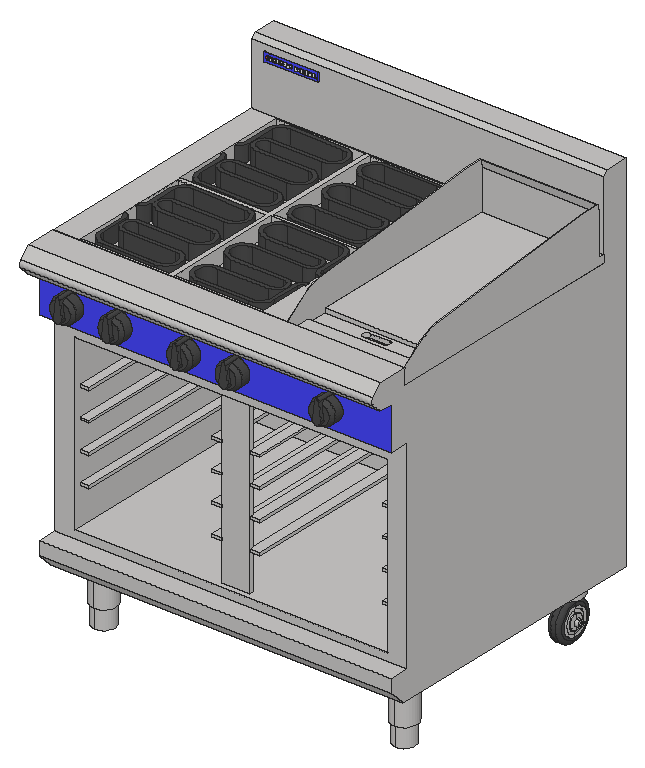
Revit family "QF_MOFFAT_BLUESEAL_CE_E516C-CB", category Specialty Equipment, Revit 2012 (continued)
Definition of nested family "ELECTRIC BURNER 600 & GRIDDLE 300"
  Lines and regions (mm)
    symbolic lines
      curve 2: line (0, -635, 0) -> (65.8, -635, 0)
      curve 3: line (65.8, -635, 0) -> (65.8, -320.251, 0)
      curve 4: line (65.8, -320.251, 0) -> (294.362, -320.251, 0)
      curve 5: line (294.362, -634.701, 0) -> (305.638, -634.701, 0)
      curve 6: line (305.638, -320.251, 0) -> (534.388, -320.251, 0)
      curve 7: line (534.388, -320.251, 0) -> (534.388, -635, 0)
      curve 8: line (534.388, -635, 0) -> (600, -635, 0)
      curve 9: line (353.788, -19.75, 0) -> (486.388, -19.75, 0)
      curve 10: arc (486.388, -19.75, 0) -> (505.541, -26.845, 0) -> (514.088, -45.396, 0) r 26.722
      curve 11: line (514.088, -45.396, 0) -> (514.088, -116.604, 0)
      curve 12: arc (514.088, -116.604, 0) -> (519.952, -132.472, 0) -> (534.388, -141.293, 0) r 25.79
      curve 13: line (534.388, -141.293, 0) -> (534.388, -130.9, 0)
      curve 14: arc (534.388, -130.9, 0) -> (527.028, -125.276, 0) -> (524.088, -116.493, 0) r 15.79
      curve 15: line (524.088, -116.493, 0) -> (524.088, -45.214, 0)
      curve 16: arc (524.088, -45.214, 0) -> (512.487, -19.649, 0) -> (486.216, -9.75, 0) r 36.722
      curve 17: line (486.216, -9.75, 0) -> (353.788, -9.75, 0)
      curve 18: arc (353.788, -9.75, 0) -> (316.088, -47.45, 0) -> (353.788, -85.15, 0) r 37.7
      curve 19: line (353.788, -85.15, 0) -> (486.388, -85.15, 0)
      curve 20: arc (486.388, -85.15, 0) -> (504.088, -102.85, 0) -> (486.388, -120.55, 0) r 17.7
      curve 21: line (486.388, -120.55, 0) -> (353.788, -120.55, 0)
      curve 22: arc (353.788, -120.55, 0) -> (316.088, -158.25, 0) -> (353.788, -195.95, 0) r 37.7
      curve 23: line (353.788, -195.95, 0) -> (486.388, -195.95, 0)
      curve 24: arc (486.388, -195.95, 0) -> (504.088, -213.65, 0) -> (486.388, -231.35, 0) r 17.7
      curve 25: line (486.388, -231.35, 0) -> (353.788, -231.35, 0)
      curve 26: arc (353.788, -231.35, 0) -> (316.088, -269.05, 0) -> (353.788, -306.75, 0) r 37.7
      curve 27: line (353.788, -306.75, 0) -> (486.216, -306.75, 0)
      curve 28: arc (486.216, -306.75, 0) -> (512.487, -296.851, 0) -> (524.088, -271.286, 0) r 36.722
      curve 29: line (524.088, -271.286, 0) -> (524.088, -200.019, 0)
      curve 30: arc (524.088, -200.019, 0) -> (527.036, -191.21, 0) -> (534.388, -185.532, 0) r 15.973
      curve 31: line (534.388, -185.532, 0) -> (534.388, -175.119, 0)
      curve 32: arc (534.388, -175.119, 0) -> (519.963, -184.005, 0) -> (514.088, -199.896, 0) r 25.973
      curve 33: line (514.088, -199.896, 0) -> (514.088, -271.104, 0)
      curve 34: arc (514.088, -271.104, 0) -> (505.541, -289.655, 0) -> (486.388, -296.75, 0) r 26.722
      curve 35: line (486.388, -296.75, 0) -> (353.788, -296.75, 0)
      curve 36: arc (353.788, -296.75, 0) -> (326.088, -269.05, 0) -> (353.788, -241.35, 0) r 27.7
      curve 37: line (353.788, -241.35, 0) -> (485.763, -241.35, 0)
      curve 38: arc (485.763, -241.35, 0) -> (513.463, -213.65, 0) -> (485.763, -185.95, 0) r 27.7
      curve 39: line (485.763, -185.95, 0) -> (353.788, -185.95, 0)
      curve 40: arc (353.788, -185.95, 0) -> (326.088, -158.25, 0) -> (353.788, -130.55, 0) r 27.7
      curve 41: line (353.788, -130.55, 0) -> (486.231, -130.55, 0)
      curve 42: arc (486.231, -130.55, 0) -> (513.931, -102.85, 0) -> (486.231, -75.15, 0) r 27.7
      curve 43: line (486.231, -75.15, 0) -> (353.788, -75.15, 0)
      curve 44: arc (353.788, -75.15, 0) -> (326.088, -47.45, 0) -> (353.788, -19.75, 0) r 27.7
      curve 45: line (113.612, -19.75, 0) -> (246.212, -19.75, 0)
      curve 46: arc (246.212, -19.75, 0) -> (273.912, -47.45, 0) -> (246.212, -75.15, 0) r 27.7
      curve 47: line (246.212, -75.15, 0) -> (113.769, -75.15, 0)
      curve 48: arc (113.769, -75.15, 0) -> (86.069, -102.85, 0) -> (113.769, -130.55, 0) r 27.7
      curve 49: line (113.769, -130.55, 0) -> (246.212, -130.55, 0)
      curve 50: arc (246.212, -130.55, 0) -> (273.912, -158.25, 0) -> (246.212, -185.95, 0) r 27.7
      curve 51: line (246.212, -185.95, 0) -> (114.237, -185.95, 0)
      curve 52: arc (114.237, -185.95, 0) -> (86.537, -213.65, 0) -> (114.237, -241.35, 0) r 27.7
      curve 53: line (114.237, -241.35, 0) -> (246.212, -241.35, 0)
      curve 54: arc (246.212, -241.35, 0) -> (273.912, -269.05, 0) -> (246.212, -296.75, 0) r 27.7
      curve 55: line (246.212, -296.75, 0) -> (113.612, -296.75, 0)
      curve 56: arc (113.612, -296.75, 0) -> (94.459, -289.655, 0) -> (85.912, -271.104, 0) r 26.722
      curve 57: line (85.912, -271.104, 0) -> (85.912, -199.896, 0)
      curve 58: arc (85.912, -199.896, 0) -> (80.037, -184.005, 0) -> (65.612, -175.119, 0) r 25.973
      curve 59: line (65.612, -175.119, 0) -> (65.612, -185.532, 0)
      curve 60: arc (65.612, -185.532, 0) -> (72.964, -191.21, 0) -> (75.912, -200.019, 0) r 15.973
      curve 61: line (75.912, -200.019, 0) -> (75.912, -271.286, 0)
      curve 62: arc (75.912, -271.286, 0) -> (87.513, -296.851, 0) -> (113.784, -306.75, 0) r 36.722
      curve 63: line (113.784, -306.75, 0) -> (246.212, -306.75, 0)
      curve 64: arc (246.212, -306.75, 0) -> (283.912, -269.05, 0) -> (246.212, -231.35, 0) r 37.7
      curve 65: line (246.212, -231.35, 0) -> (113.612, -231.35, 0)
      curve 66: arc (113.612, -231.35, 0) -> (95.912, -213.65, 0) -> (113.612, -195.95, 0) r 17.7
      curve 67: line (113.612, -195.95, 0) -> (246.212, -195.95, 0)
      curve 68: arc (246.212, -195.95, 0) -> (283.912, -158.25, 0) -> (246.212, -120.55, 0) r 37.7
      curve 69: line (246.212, -120.55, 0) -> (113.612, -120.55, 0)
      curve 70: arc (113.612, -120.55, 0) -> (95.912, -102.85, 0) -> (113.612, -85.15, 0) r 17.7
      curve 71: line (113.612, -85.15, 0) -> (246.212, -85.15, 0)
      curve 72: arc (246.212, -85.15, 0) -> (283.912, -47.45, 0) -> (246.212, -9.75, 0) r 37.7
      curve 73: line (246.212, -9.75, 0) -> (113.784, -9.75, 0)
      curve 74: arc (113.784, -9.75, 0) -> (87.513, -19.649, 0) -> (75.912, -45.214, 0) r 36.722
      curve 75: line (75.912, -45.214, 0) -> (75.912, -116.493, 0)
      curve 76: arc (75.912, -116.493, 0) -> (72.972, -125.276, 0) -> (65.612, -130.9, 0) r 15.79
      curve 77: line (65.612, -130.9, 0) -> (65.612, -141.293, 0)
      curve 78: arc (65.612, -141.293, 0) -> (80.048, -132.472, 0) -> (85.912, -116.604, 0) r 25.79
      curve 79: line (85.912, -116.604, 0) -> (85.912, -45.396, 0)
      curve 80: arc (85.912, -45.396, 0) -> (94.459, -26.845, 0) -> (113.612, -19.75, 0) r 26.722
      curve 81: line (246.212, -387.65, 0) -> (114.862, -387.65, 0)
      curve 82: arc (114.862, -387.65, 0) -> (87.162, -415.35, 0) -> (114.862, -443.05, 0) r 27.7
      curve 83: line (114.862, -443.05, 0) -> (246.212, -443.05, 0)
      curve 84: arc (246.212, -443.05, 0) -> (273.912, -470.75, 0) -> (246.212, -498.45, 0) r 27.7
      curve 85: line (246.212, -498.45, 0) -> (114.862, -498.45, 0)
      curve 86: arc (114.862, -498.45, 0) -> (87.162, -526.15, 0) -> (114.862, -553.85, 0) r 27.7
      curve 87: line (114.862, -553.85, 0) -> (246.212, -553.85, 0)
      curve 88: arc (246.212, -553.85, 0) -> (273.912, -581.55, 0) -> (246.212, -609.25, 0) r 27.7
      curve 89: line (246.212, -609.25, 0) -> (113.612, -609.25, 0)
      curve 90: arc (113.612, -609.25, 0) -> (94.459, -602.155, 0) -> (85.912, -583.604, 0) r 26.722
      curve 91: line (85.912, -583.604, 0) -> (85.912, -512.396, 0)
      curve 92: arc (85.912, -512.396, 0) -> (79.848, -496.287, 0) -> (65, -487.582, 0) r 25.79
      curve 93: line (65, -487.582, 0) -> (65, -497.888, 0)
      curve 94: arc (65, -497.888, 0) -> (72.781, -503.462, 0) -> (75.912, -512.507, 0) r 15.79
      curve 95: line (75.912, -512.507, 0) -> (75.912, -583.786, 0)
      curve 96: arc (75.912, -583.786, 0) -> (87.513, -609.351, 0) -> (113.784, -619.25, 0) r 36.722
      curve 97: line (113.784, -619.25, 0) -> (246.212, -619.25, 0)
      curve 98: arc (246.212, -619.25, 0) -> (283.912, -581.55, 0) -> (246.212, -543.85, 0) r 37.7
      curve 99: line (246.212, -543.85, 0) -> (113.612, -543.85, 0)
      curve 100: arc (113.612, -543.85, 0) -> (95.912, -526.15, 0) -> (113.612, -508.45, 0) r 17.7
      curve 101: line (113.612, -508.45, 0) -> (246.212, -508.45, 0)
      curve 102: arc (246.212, -508.45, 0) -> (283.912, -470.75, 0) -> (246.212, -433.05, 0) r 37.7
      curve 103: line (246.212, -433.05, 0) -> (113.612, -433.05, 0)
      curve 104: arc (113.612, -433.05, 0) -> (95.912, -415.35, 0) -> (113.612, -397.65, 0) r 17.7
      curve 105: line (113.612, -397.65, 0) -> (246.212, -397.65, 0)
      curve 106: arc (246.212, -397.65, 0) -> (283.912, -359.95, 0) -> (246.212, -322.25, 0) r 37.7
      curve 107: line (246.212, -322.25, 0) -> (113.784, -322.25, 0)
      curve 108: arc (113.784, -322.25, 0) -> (87.513, -332.149, 0) -> (75.912, -357.714, 0) r 36.722
      curve 109: line (75.912, -357.714, 0) -> (75.912, -428.981, 0)
      curve 110: arc (75.912, -428.981, 0) -> (72.964, -437.79, 0) -> (65.612, -443.468, 0) r 15.973
      curve 111: line (65.612, -443.468, 0) -> (65.612, -453.881, 0)
      curve 112: arc (65.612, -453.881, 0) -> (80.037, -444.995, 0) -> (85.912, -429.104, 0) r 25.973
      curve 113: line (85.912, -429.104, 0) -> (85.912, -357.896, 0)
      curve 114: arc (85.912, -357.896, 0) -> (94.459, -339.345, 0) -> (113.612, -332.25, 0) r 26.722
      curve 115: line (113.612, -332.25, 0) -> (246.212, -332.25, 0)
      curve 116: arc (246.212, -332.25, 0) -> (273.912, -359.95, 0) -> (246.212, -387.65, 0) r 27.7
      curve 117: line (353.788, -397.65, 0) -> (486.388, -397.65, 0)
      curve 118: arc (486.388, -397.65, 0) -> (504.088, -415.35, 0) -> (486.388, -433.05, 0) r 17.7
      curve 119: line (486.388, -433.05, 0) -> (353.788, -433.05, 0)
      curve 120: arc (353.788, -433.05, 0) -> (316.088, -470.75, 0) -> (353.788, -508.45, 0) r 37.7
      curve 121: line (353.788, -508.45, 0) -> (486.388, -508.45, 0)
      curve 122: arc (486.388, -508.45, 0) -> (504.088, -526.15, 0) -> (486.388, -543.85, 0) r 17.7
      curve 123: line (486.388, -543.85, 0) -> (353.788, -543.85, 0)
      curve 124: arc (353.788, -543.85, 0) -> (316.088, -581.55, 0) -> (353.788, -619.25, 0) r 37.7
      curve 125: line (353.788, -619.25, 0) -> (486.216, -619.25, 0)
      curve 126: arc (486.216, -619.25, 0) -> (512.487, -609.351, 0) -> (524.088, -583.786, 0) r 36.722
      curve 127: line (524.088, -583.786, 0) -> (524.088, -512.507, 0)
      curve 128: arc (524.088, -512.507, 0) -> (527.219, -503.462, 0) -> (535, -497.888, 0) r 15.79
      curve 129: line (535, -497.888, 0) -> (535, -487.582, 0)
      curve 130: arc (535, -487.582, 0) -> (520.152, -496.287, 0) -> (514.088, -512.396, 0) r 25.79
      curve 131: line (514.088, -512.396, 0) -> (514.088, -583.604, 0)
      curve 132: arc (514.088, -583.604, 0) -> (505.541, -602.155, 0) -> (486.388, -609.25, 0) r 26.722
      curve 133: line (486.388, -609.25, 0) -> (353.788, -609.25, 0)
      curve 134: arc (353.788, -609.25, 0) -> (326.088, -581.55, 0) -> (353.788, -553.85, 0) r 27.7
      curve 135: line (353.788, -553.85, 0) -> (485.138, -553.85, 0)
      curve 136: arc (485.138, -553.85, 0) -> (512.838, -526.15, 0) -> (485.138, -498.45, 0) r 27.7
      curve 137: line (485.138, -498.45, 0) -> (353.788, -498.45, 0)
      curve 138: arc (353.788, -498.45, 0) -> (326.088, -470.75, 0) -> (353.788, -443.05, 0) r 27.7
      curve 139: line (353.788, -443.05, 0) -> (485.138, -443.05, 0)
      curve 140: arc (485.138, -443.05, 0) -> (512.838, -415.35, 0) -> (485.138, -387.65, 0) r 27.7
      curve 141: line (485.138, -387.65, 0) -> (353.788, -387.65, 0)
      curve 142: arc (353.788, -387.65, 0) -> (326.088, -359.95, 0) -> (353.788, -332.25, 0) r 27.7
      curve 143: line (353.788, -332.25, 0) -> (486.388, -332.25, 0)
      curve 144: arc (486.388, -332.25, 0) -> (505.541, -339.345, 0) -> (514.088, -357.896, 0) r 26.722
      curve 145: line (514.088, -357.896, 0) -> (514.088, -429.104, 0)
      curve 146: arc (514.088, -429.104, 0) -> (519.963, -444.995, 0) -> (534.388, -453.881, 0) r 25.973
      curve 147: line (534.388, -453.881, 0) -> (534.388, -443.468, 0)
      curve 148: arc (534.388, -443.468, 0) -> (527.036, -437.79, 0) -> (524.088, -428.981, 0) r 15.973
      curve 149: line (524.088, -428.981, 0) -> (524.088, -357.714, 0)
      curve 150: arc (524.088, -357.714, 0) -> (512.487, -332.149, 0) -> (486.216, -322.25, 0) r 36.722
      curve 151: line (486.216, -322.25, 0) -> (353.788, -322.25, 0)
      curve 152: arc (353.788, -322.25, 0) -> (316.088, -359.95, 0) -> (353.788, -397.65, 0) r 37.7
      curve 153: line (0, 0, 0) -> (0, -635, 0)
      curve 154: line (0, -635, 0) -> (600, -635, 0)
      curve 155: line (600, -635, 0) -> (600, 0, 0)
      curve 156: line (600, 0, 0) -> (0, 0, 0)
      curve 157: line (65.8, -320.251, 0) -> (294.362, -320.251, 0)
      curve 158: line (294.362, -320.251, 0) -> (294.362, -630, 0)
      curve 159: line (294.362, -630, 0) -> (65.8, -630, 0)
      curve 160: line (65.8, -630, 0) -> (65.8, -320.251, 0)
      curve 161: line (305.638, -320.251, 0) -> (534.388, -320.251, 0)
      curve 162: line (534.388, -320.251, 0) -> (534.388, -630, 0)
      curve 163: line (534.388, -630, 0) -> (305.638, -630, 0)
      curve 164: line (305.638, -630, 0) -> (305.638, -320.251, 0)
      curve 165: line (305.638, -312.651, 0) -> (305.638, -5, 0)
      curve 166: line (305.638, -5, 0) -> (534.388, -5, 0)
      curve 167: line (534.388, -5, 0) -> (534.388, -312.651, 0)
      curve 168: line (534.388, -312.651, 0) -> (305.638, -312.651, 0)
      curve 169: line (65.8, -312.651, 0) -> (65.8, -5, 0)
      curve 170: line (65.8, -5, 0) -> (294.362, -5, 0)
      curve 171: line (294.362, -5, 0) -> (294.362, -312.651, 0)
      curve 172: line (294.362, -312.651, 0) -> (65.8, -312.651, 0)
  Dimensions and locks
    equal spacing: plane 3 "LEFT", plane 7 "Center Y", plane 4 "RIGHT"
    "Width": plane 3 "LEFT" to plane 4 "RIGHT"
    equal spacing: plane 5 "FRONT", plane 8 "Center X", plane 1 "BACK"
    "Depth": plane 5 "FRONT" to plane 1 "BACK"
    aligned and locked: level to plane 2
  Automatic sketch dimensions
    curve 10 to curve 16 = 0 mm  (x2)
    curve 12 to curve 14 = 0 mm  (x2)
    curve 18 to curve 44 = 0 mm  (x2)
    curve 22 to curve 40 = 0 mm  (x2)
    curve 26 to curve 36 = 0 mm  (x2)
    curve 28 to curve 34 = 0 mm  (x2)
    curve 30 to curve 32 = 0 mm  (x2)
    curve 46 to curve 72 = 0 mm  (x2)
    curve 50 to curve 68 = 0 mm  (x2)
    curve 54 to curve 64 = 0 mm  (x2)
    curve 56 to curve 62 = 0 mm  (x2)
    curve 58 to curve 60 = 0 mm  (x2)
    curve 74 to curve 80 = 0 mm  (x2)
    curve 76 to curve 78 = 0 mm  (x2)
    curve 84 to curve 102 = 0 mm  (x2)
    curve 88 to curve 98 = 0 mm  (x2)
    curve 90 to curve 96 = 0 mm  (x2)
    curve 92 to curve 94 = 0 mm  (x2)
    curve 106 to curve 116 = 0 mm  (x2)
    curve 108 to curve 114 = 0 mm  (x2)
    curve 110 to curve 112 = 0 mm  (x2)
    curve 120 to curve 138 = 0 mm  (x2)
    curve 124 to curve 134 = 0 mm  (x2)
    curve 126 to curve 132 = 0 mm  (x2)
    curve 128 to curve 130 = 0 mm  (x2)
    curve 142 to curve 152 = 0 mm  (x2)
    curve 144 to curve 150 = 0 mm  (x2)
    curve 146 to curve 148 = 0 mm  (x2)
    curve 154 to plane 3 "LEFT" = 0 mm
    plane 5 "FRONT" to curve 1 = 0 mm
    plane 1 "BACK" to curve 155 = 0 mm
    plane 3 "LEFT" to curve 110 = 59.946 mm
    plane 3 "LEFT" to curve 60 = 59.946 mm
    plane 3 "LEFT" to curve 78 = 60.128 mm
    plane 3 "LEFT" to curve 94 = 60.128 mm
    curve 92 to curve 94 = 4.872 mm
    curve 76 to curve 77 = 5.484 mm
    curve 110 to curve 112 = 5.667 mm
    curve 58 to curve 60 = 5.667 mm
    plane 8 "Center X" to curve 172 = 4.849 mm
    plane 3 "LEFT" to curve 172 = 65.8 mm
    curve 92 to curve 94 = 15.784 mm
    curve 169 to curve 74 = 10.112 mm
    curve 159 to curve 96 = 10.112 mm
    curve 169 to curve 61 = 10.112 mm
    curve 110 to curve 110 = 15.967 mm
    curve 60 to curve 57 = 10 mm
    curve 110 to curve 112 = 10 mm
    curve 74 to curve 80 = 10 mm
    curve 95 to curve 90 = 10 mm
    curve 113 to curve 114 = 26.701 mm
    curve 91 to curve 96 = 26.701 mm
    curve 57 to curve 56 = 26.701 mm
    curve 91 to curve 101 = 27.7 mm
    curve 74 to curve 71 = 0.999 mm
    curve 56 to curve 65 = 0.999 mm
    curve 112 to curve 103 = 27.7 mm
    curve 74 to curve 80 = 0.999 mm
    curve 108 to curve 114 = 0.999 mm
    curve 56 to curve 55 = 0.999 mm
    curve 90 to curve 90 = 0.999 mm
    curve 69 to curve 48 = 0.156 mm
    curve 89 to curve 97 = 0.172 mm
    curve 55 to curve 63 = 0.172 mm
    curve 45 to curve 73 = 0.172 mm
    curve 108 to plane 8 "Center X" = 4.75 mm
    curve 115 to curve 108 = 0.172 mm
    curve 66 to curve 52 = 0.625 mm
    curve 99 to curve 87 = 1.25 mm
    curve 104 to curve 82 = 1.25 mm
    curve 89 to plane 5 "FRONT" = 25.75 mm
    curve 89 to curve 89 = 132.6 mm
    curve 55 to curve 54 = 132.6 mm
    curve 51 to curve 64 = 0 mm
    curve 47 to curve 68 = 0 mm
    curve 101 to curve 99 = 0 mm
    curve 105 to curve 103 = 0 mm
    curve 64 to curve 171 = 48.15 mm
    curve 4 to plane 8 "Center X" = 2.751 mm
    curve 4 to curve 171 = 0 mm
    curve 5 to plane 5 "FRONT" = 0.299 mm
    curve 5 to curve 158 = 0 mm
    plane 8 "Center X" to curve 168 = 4.849 mm
    plane 1 "BACK" to curve 165 = 5 mm
    curve 170 to curve 165 = 11.275 mm
    curve 164 to plane 8 "Center X" = 2.751 mm
    curve 164 to curve 165 = 0 mm
    curve 5 to curve 163 = 0 mm
    curve 165 to curve 44 = 48.15 mm
    curve 163 to curve 134 = 48.15 mm
    curve 6 to curve 152 = 48.15 mm
    curve 137 to curve 124 = 0 mm
    curve 41 to curve 18 = 0 mm
    curve 37 to curve 22 = 0 mm
    plane 7 "Center Y" to curve 136 = 35.138 mm
    plane 7 "Center Y" to curve 139 = 35.138 mm
    plane 7 "Center Y" to curve 39 = 35.763 mm
    plane 1 "BACK" to curve 16 = 9.75 mm
    plane 7 "Center Y" to curve 16 = 36.216 mm
    curve 151 to plane 8 "Center X" = 4.75 mm
    curve 27 to curve 150 = 0 mm
    curve 126 to plane 5 "FRONT" = 15.75 mm
    plane 7 "Center Y" to curve 126 = 36.216 mm
    curve 140 to curve 119 = 1.25 mm
    curve 137 to curve 122 = 1.25 mm
    curve 150 to curve 143 = 0.172 mm
    curve 42 to curve 20 = 0.156 mm
    curve 39 to curve 24 = 0.625 mm
    curve 27 to curve 35 = 0.172 mm
    curve 16 to curve 10 = 0.172 mm
    curve 125 to curve 132 = 0.172 mm
    curve 143 to curve 144 = 0.999 mm
    curve 132 to curve 132 = 0.999 mm
    curve 10 to curve 16 = 0.999 mm
    curve 34 to curve 28 = 0.999 mm
    curve 28 to curve 33 = 26.701 mm
    curve 121 to curve 130 = 27.7 mm
    curve 20 to curve 12 = 27.7 mm
    curve 119 to curve 146 = 27.7 mm
    curve 10 to curve 10 = 26.701 mm
    curve 145 to curve 149 = 10 mm
    curve 131 to curve 126 = 10 mm
    curve 33 to curve 29 = 10 mm
    curve 10 to curve 16 = 10 mm
    curve 15 to curve 167 = 10.3 mm
    curve 14 to curve 13 = 10.3 mm
    curve 125 to curve 8 = 48.172 mm
    curve 29 to curve 31 = 10.3 mm
    curve 148 to curve 148 = 10.3 mm
    curve 127 to curve 130 = 10.912 mm
    curve 127 to curve 130 = 15.784 mm
    curve 13 to curve 14 = 5.484 mm
    curve 148 to curve 148 = 15.967 mm
    curve 29 to curve 32 = 15.967 mm
    curve 7 to curve 154 = 65.612 mm
    curve 162 to plane 5 "FRONT" = 5 mm
    curve 5 to curve 159 = 4.701 mm
    curve 125 to curve 134 = 10 mm
    curve 90 to curve 95 = 25.464 mm
    curve 132 to curve 126 = 25.464 mm
    curve 133 to curve 124 = 27.7 mm
    curve 89 to curve 88 = 27.7 mm
    curve 99 to curve 100 = 17.7 mm
    curve 123 to curve 136 = 17.7 mm
    curve 136 to curve 122 = 0 mm
    curve 100 to curve 86 = 0 mm
    curve 128 to curve 122 = 4.457 mm
    curve 94 to curve 100 = 4.457 mm
    curve 92 to curve 95 = 0.4 mm
    curve 128 to curve 127 = 0.4 mm
    curve 127 to curve 131 = 0.111 mm
    curve 94 to curve 91 = 0.111 mm
    curve 137 to curve 138 = 27.7 mm
    curve 93 to curve 112 = 33.7 mm
    curve 146 to curve 148 = 10.413 mm
    curve 112 to curve 110 = 10.413 mm
    curve 147 to curve 140 = 0.418 mm
    curve 83 to curve 103 = 10 mm
    curve 148 to curve 146 = 14.364 mm
    curve 110 to curve 112 = 14.364 mm
    curve 103 to curve 82 = 17.7 mm
    curve 119 to curve 118 = 17.7 mm
    curve 140 to curve 118 = 0 mm
    curve 104 to curve 82 = 0 mm
    curve 116 to curve 116 = 27.7 mm
    curve 144 to curve 145 = 1.058 mm
    curve 114 to curve 108 = 0.182 mm
    curve 144 to curve 149 = 0.182 mm
    plane 8 "Center X" to curve 27 = 10.75 mm
    plane 8 "Center X" to curve 62 = 10.75 mm
    curve 63 to curve 54 = 10 mm
    curve 27 to curve 36 = 10 mm
    curve 35 to curve 26 = 27.7 mm
    curve 54 to curve 54 = 27.7 mm
    curve 56 to curve 52 = 28.696 mm
    curve 28 to curve 38 = 28.696 mm
    curve 65 to curve 66 = 17.7 mm
    curve 25 to curve 38 = 17.7 mm
    curve 38 to curve 24 = 0 mm
    curve 66 to curve 52 = 0 mm
    curve 30 to curve 24 = 4.516 mm
    curve 58 to curve 66 = 4.516 mm
    curve 58 to curve 61 = 0.447 mm
    curve 30 to curve 29 = 0.447 mm
    curve 60 to curve 57 = 0.123 mm
    curve 29 to curve 32 = 0.123 mm
    curve 50 to curve 68 = 27.7 mm
    curve 58 to curve 77 = 33.826 mm
    curve 77 to curve 76 = 10.393 mm
    curve 12 to curve 14 = 10.393 mm
    curve 13 to curve 42 = 0.35 mm
    curve 76 to curve 79 = 14.296 mm
    curve 13 to curve 12 = 14.296 mm
    curve 20 to curve 42 = 17.7 mm
    curve 69 to curve 70 = 17.7 mm
    curve 42 to curve 20 = 0 mm
    curve 70 to curve 48 = 0 mm
    curve 43 to curve 18 = 27.7 mm
    curve 46 to curve 46 = 27.7 mm
    curve 74 to curve 79 = 1.058 mm
    curve 11 to curve 16 = 0.182 mm
    curve 79 to curve 75 = 0.182 mm
    plane 1 "BACK" to curve 171 = 5 mm
    plane 1 "BACK" to Extrusion 1 sketch curve = 0 mm
    Extrusion 1 sketch curve to plane 9 = 0 mm  (x2)
    Extrusion 1 sketch curve to plane 3 "LEFT" = 0 mm
    plane 5 "FRONT" to Extrusion 1 sketch curve = 0 mm
    plane 1 "BACK" to Extrusion 1 sketch curve = 5 mm  (x2)
    plane 8 "Center X" to Extrusion 1 sketch curve = 4.849 mm  (x2)
    Extrusion 1 sketch curve to plane 8 "Center X" = 2.751 mm  (x2)
    Extrusion 1 sketch curve to plane 5 "FRONT" = 5 mm  (x2)
    Extrusion 1 sketch curve to plane 7 "Center Y" = 155.638 mm
    Extrusion 1 sketch curve to Extrusion 1 sketch curve = 0 mm  (x3)
    Extrusion 1 sketch curve to Extrusion 1 sketch curve = 11.275 mm
    plane 7 "Center Y" to Extrusion 1 sketch curve = 84.388 mm
    Extrusion 1 sketch curve to Extrusion 1 sketch curve = 65.612 mm
    Extrusion 2 sketch curve to Extrusion 2 sketch curve = 0 mm  (x72)
    plane 1 "BACK" to Extrusion 2 sketch curve = 9.75 mm  (x2)
    Extrusion 2 sketch curve to Extrusion 2 sketch curve = 10 mm  (x4)
    plane 1 "BACK" to Extrusion 2 sketch curve = 45.214 mm  (x2)
    Extrusion 2 sketch curve to Extrusion 2 sketch curve = 0.182 mm  (x8)
    Extrusion 2 sketch curve to Extrusion 2 sketch curve = 26.704 mm  (x7)
    Extrusion 2 sketch curve to Extrusion 2 sketch curve = 1.058 mm  (x5)
    Extrusion 2 sketch curve to Extrusion 2 sketch curve = 27.7 mm  (x14)
    Extrusion 2 sketch curve to Extrusion 2 sketch curve = 17.7 mm  (x8)
    Extrusion 2 sketch curve to Extrusion 2 sketch curve = 4.457 mm  (x2)
    Extrusion 2 sketch curve to Extrusion 2 sketch curve = 0.4 mm  (x3)
    Extrusion 2 sketch curve to Extrusion 2 sketch curve = 0.111 mm  (x4)
    Extrusion 2 sketch curve to Extrusion 2 sketch curve = 14.806 mm  (x2)
    Extrusion 2 sketch curve to Extrusion 2 sketch curve = 10.393 mm  (x2)
    Extrusion 2 sketch curve to Extrusion 2 sketch curve = 33.826 mm  (x2)
    Extrusion 2 sketch curve to Extrusion 2 sketch curve = 10.413 mm  (x4)
    Extrusion 2 sketch curve to Extrusion 2 sketch curve = 14.364 mm  (x2)
    Extrusion 2 sketch curve to Extrusion 2 sketch curve = 0.123 mm  (x4)
    Extrusion 2 sketch curve to Extrusion 2 sketch curve = 0.447 mm  (x3)
    Extrusion 2 sketch curve to Extrusion 2 sketch curve = 14.934 mm  (x3)
    Extrusion 2 sketch curve to plane 8 "Center X" = 4.75 mm  (x2)
    Extrusion 2 sketch curve to plane 8 "Center X" = 40.214 mm  (x2)
    Extrusion 2 sketch curve to Extrusion 2 sketch curve = 4.516 mm  (x2)
    Extrusion 2 sketch curve to Extrusion 2 sketch curve = 33.7 mm  (x2)
    Extrusion 2 sketch curve to Extrusion 2 sketch curve = 10.306 mm  (x2)
    Extrusion 2 sketch curve to Extrusion 2 sketch curve = 14.508 mm  (x2)
    Extrusion 2 sketch curve to Extrusion 2 sketch curve = 15.019 mm
    plane 3 "LEFT" to Extrusion 2 sketch curve = 59.946 mm  (x2)
    plane 3 "LEFT" to Extrusion 2 sketch curve = 60.128 mm  (x2)
    Extrusion 2 sketch curve to Extrusion 2 sketch curve = 4.872 mm
    Extrusion 2 sketch curve to Extrusion 2 sketch curve = 5.667 mm  (x2)
    Extrusion 2 sketch curve to Extrusion 2 sketch curve = 5.484 mm
    Extrusion 2 sketch curve to Extrusion 2 sketch curve = 26.701 mm  (x4)
    Extrusion 2 sketch curve to Extrusion 2 sketch curve = 0.999 mm  (x6)
    Extrusion 2 sketch curve to Extrusion 2 sketch curve = 0.156 mm  (x2)
    Extrusion 2 sketch curve to Extrusion 2 sketch curve = 0.625 mm  (x2)
    Extrusion 2 sketch curve to Extrusion 2 sketch curve = 1.25 mm  (x4)
    Extrusion 2 sketch curve to Extrusion 2 sketch curve = 132.6 mm
    Extrusion 2 sketch curve to Extrusion 2 sketch curve = 132.428 mm
    Extrusion 2 sketch curve to plane 7 "Center Y" = 96.212 mm  (x3)
    plane 7 "Center Y" to Extrusion 2 sketch curve = 35.138 mm  (x2)
    plane 7 "Center Y" to Extrusion 2 sketch curve = 35.763 mm
    plane 7 "Center Y" to Extrusion 2 sketch curve = 36.216 mm  (x3)
    plane 7 "Center Y" to Extrusion 2 sketch curve = 36.231 mm
    Extrusion 2 sketch curve to Extrusion 2 sketch curve = 0.172 mm  (x4)
  Nested families
    nested 1: "ELECTRIC GRIDDLE PLATE 300" at (600, -15, 0), type "ELECTRIC GRIDDLE PLATE 300"
      with Width 300 mm, Type Mark "", Status "", Specification by User "", Show Clearance yes, Revision Code "", Number of Poles 1, Mechanical Remarks "", Mechanical Connection Type "", Item Number "", Installed By "", Identify Quantity as Lot yes, Gas RI Height 0 mm, Gas KW 0, Gas Input 0.0 Btu/h, Furnished By "", Foodservice Equipment Identifier yes, Electrical Remarks "", Electric Connection Type "", Elec Conn RI Height 0 mm, Elec Conn Connection Height 0 mm, Depth 620 mm
  Definition of nested family "ELECTRIC GRIDDLE PLATE 300"
    Parameters (values of type "ELECTRIC GRIDDLE PLATE 300")
      Width [instance] = 300 mm
      Weight in Pounds = 0
      Watts = 0 W
      Volts = 0 V
      URL Cutsheet = ""
      Type Mark [instance] = ""
      Status [instance] = ""
      Specification by User [instance] = ""
      Specification by Manufacturer = ""
      Show Clearance [instance] = yes
      Serial Number = ""
      Seismic Rating = ""
      SMACNA No = ""
      Revision Code [instance] = ""
      Phase = 1
      Omniclass Number and Title = ""
      Number of Poles [instance] = 1
      NAFEM Spec ID Number = ""
      Min Ckt Ampacity = 0 A
      Mechanical Remarks [instance] = ""
      Mechanical Connection Type [instance] = ""
      Max Overcurrent Protection = 0 A
      Masterspec = ""
      Item Number [instance] = ""
      Installed By [instance] = ""
      Identify Quantity as Lot [instance] = yes
      HP = ""
      Gas Size = 0"
      Gas RI Height [instance] = 0 mm
      Gas KW [instance] = 0
      Gas Input [instance] = 0.0 Btu/h
      Gas Connection Height = 0 mm
      Furnished By [instance] = ""
      Foodservice Equipment Identifier [instance] = yes
      FL Amps = 0 A
      Electrical Remarks [instance] = ""
      Electric Connection Type [instance] = ""
      Elec Conn RI Height [instance] = 0 mm
      Elec Conn Connection Height [instance] = 0 mm
      Depth [instance] = 620 mm
      Cycle = 0 Hz
      Conn Plug = ""
      Conn Conduit = yes
      CSI MasterFormat = ""
      CSI Master Format = ""
      Apparent Power = if(Phase = 3, Volts * FL Amps * 1.73, Volts * FL Amps)  # 0 VA
    Reference planes
      plane 1 "BACK": y = 0
      plane 2: z = 0
      plane 3 "LEFT": x = 0
      plane 4 "RIGHT": x = 300
      plane 5 "FRONT": y = -620
      plane 6 "TOP": z = 142.5
      plane 7 "Center Y": x = 150
      plane 8 "Center X": y = -310
      plane 9: y = -530.997
      plane 10: y = -541.497
      plane 11: y = -503.25
      plane 12: y = -557.737
    Forms (mm)
      Extrusion 1, solid, material "QF_Finishes_Stainless Steel"
        sketch origin (0, 70.003, -874.5) x (0, 1, 0) y (0, 0, 1)
          loop
            line (-70, 875) -> (-70, 997.489) -> (-75.228, 1017) -> (-117.24, 1017) -> (-589.533, 971.523)
            arc (-589.533, 971.523) -> (-614.56, 965.803) -> (-637.306, 953.899) r 100
            line (-637.306, 953.899) -> (-690.003, 917) -> (-690.003, 875) -> (-70, 875)
        from 0 to 1.8
      Extrusion 2, solid, material "QF_Finishes_Stainless Steel"
        sketch origin (600, 70.003, -874.5) x (0, -1, 0) y (0, 0, 1)
          loop
            line (70, 875) -> (690.003, 875) -> (690.003, 917) -> (637.306, 953.899)
            arc (637.306, 953.899) -> (614.56, 965.803) -> (589.533, 971.523) r 100
            line (589.533, 971.523) -> (117.24, 1017) -> (75.228, 1017) -> (70, 997.489) -> (70, 875)
        from 300 to 301.2
      Extrusion 3, solid, material "QF_Finishes_Stainless Steel"
        sketch origin (150, 70.003, -874.5) x (0, 1, 0) y (0, 0, 1)
          loop
            line (-55, 895) -> (-573.253, 895) -> (-573.253, 884.5) -> (-627.74, 884.5) -> (-627.74, 895) -> (-690.003, 895) -> (-690.003, 875) -> (-55, 875) -> (-55, 895)
        from -150 to 150
      Extrusion 4, void
        sketch origin (150, -541.497, 10) x (0, -1, 0) y (1, 0, 0)
          loop
            arc (-7.497, 25) -> (-17.497, 35) -> (-27.497, 25) r 10
            line (-27.497, 25) -> (-27.497, -25)
            arc (-27.497, -25) -> (-17.497, -35) -> (-7.497, -25) r 10
            line (-7.497, -25) -> (-7.497, 25)
        from -41.4 to 40.142
      Extrusion 5, solid, material "QF_Finishes_Stainless Steel"
        sketch origin (0, 70.003, -874.5) x (0, 1, 0) y (0, 0, 1)
          loop
            line (-70, 875) -> (-70, 997.489) -> (-75.228, 1017) -> (-76.884, 1017) -> (-71.6, 997.278) -> (-71.6, 875) -> (-70, 875)
        from 0 to 298.8
    Cuts and joins
      Extrusion 4 cuts Extrusion 3
      joined: Extrusion 1, Extrusion 2, Extrusion 3, Extrusion 5
    Lines and regions (mm)
      symbolic lines
        curve 1: line (300, -503.25, 0) -> (1.8, -503.25, 0)
        curve 2: line (1.8, -557.737, 0) -> (300, -557.737, 0)
        curve 3: line (0, -1.68, 0) -> (300, -1.68, 0)
        curve 4: line (0, -620, 0) -> (300, -620, 0)
        curve 5: arc (175, -534, 0) -> (185, -524, 0) -> (175, -514, 0) r 10
        curve 6: line (175, -514, 0) -> (125, -514, 0)
        curve 7: arc (125, -514, 0) -> (115, -524, 0) -> (125, -534, 0) r 10
        curve 8: line (125, -534, 0) -> (175, -534, 0)
        curve 9: line (300, 15.003, 0) -> (0, 15.003, 0)
        curve 10: line (300, -620, 0) -> (300, 15.003, 0)
        curve 11: line (0, 15.003, 0) -> (0, -620, 0)
    Dimensions and locks
      equal spacing: plane 3 "LEFT", plane 7 "Center Y", plane 4 "RIGHT"
      "Width": plane 3 "LEFT" to plane 4 "RIGHT"
      equal spacing: plane 5 "FRONT", plane 8 "Center X", plane 1 "BACK"
      "Depth": plane 5 "FRONT" to plane 1 "BACK"
      locked: Extrusion 2 to Extrusion 2 at 1.2
      equal spacing: Extrusion 4 sketch curve, plane 7 "Center Y", Extrusion 4 sketch curve, locked at 35 each
      aligned and locked: level to plane 2
      aligned and locked: Extrusion 2 to plane 4 "RIGHT"
      aligned and locked: curve 1 to plane 11
      aligned and locked: plane 12 to curve 2
      aligned and locked: Extrusion 5 to cut or joined group of Extrusion 1, Extrusion 2, Extrusion 3, Extrusion 4, Extrusion 5
      aligned and locked: cut or joined group of Extrusion 1, Extrusion 2, Extrusion 3, Extrusion 4, Extrusion 5 to plane 3 "LEFT"
    Automatic sketch dimensions
      plane 11 to curve 6 = 10.75 mm
      curve 6 to plane 7 "Center Y" = 25 mm
      plane 7 "Center Y" to curve 5 = 25 mm
      curve 8 to curve 5 = 20 mm
      Extrusion 1 sketch curve to plane 5 "FRONT" = 0 mm
      Extrusion 1 sketch curve to plane 6 "TOP" = 0 mm
      plane 12 to Extrusion 1 sketch curve = 9.566 mm
      plane 11 to Extrusion 1 sketch curve = 16.28 mm
      Extrusion 1 sketch curve to level = 2.516 mm
      plane 11 to Extrusion 1 sketch curve = 6.695 mm
      plane 1 "BACK" to Extrusion 1 sketch curve = 47.237 mm
      plane 1 "BACK" to Extrusion 1 sketch curve = 5.225 mm
      Extrusion 1 sketch curve to plane 1 "BACK" = 0.003 mm
      level to Extrusion 1 sketch curve = 0.5 mm
      Extrusion 1 sketch curve to Extrusion 1 sketch curve = 42 mm
      Extrusion 1 sketch curve to plane 6 "TOP" = 63.101 mm
      Extrusion 1 sketch curve to plane 6 "TOP" = 19.511 mm
      Extrusion 2 sketch curve to plane 6 "TOP" = 0 mm
      Extrusion 2 sketch curve to plane 5 "FRONT" = 0 mm
      plane 12 to Extrusion 2 sketch curve = 9.566 mm
      plane 11 to Extrusion 2 sketch curve = 16.28 mm
      Extrusion 2 sketch curve to level = 2.516 mm
      plane 11 to Extrusion 2 sketch curve = 6.695 mm
      plane 1 "BACK" to Extrusion 2 sketch curve = 47.237 mm
      plane 1 "BACK" to Extrusion 2 sketch curve = 5.225 mm
      Extrusion 2 sketch curve to plane 1 "BACK" = 0.003 mm
      level to Extrusion 2 sketch curve = 0.5 mm
      Extrusion 2 sketch curve to Extrusion 2 sketch curve = 42 mm
      Extrusion 2 sketch curve to plane 6 "TOP" = 63.101 mm
      Extrusion 2 sketch curve to plane 6 "TOP" = 19.511 mm
      Extrusion 3 sketch curve to plane 5 "FRONT" = 0 mm
      Extrusion 3 sketch curve to plane 12 = 0 mm
      Extrusion 3 sketch curve to plane 11 = 0 mm
      Extrusion 3 sketch curve to plane 1 "BACK" = 15.003 mm
      level to Extrusion 3 sketch curve = 0.5 mm
      level to Extrusion 3 sketch curve = 10 mm
      Extrusion 3 sketch curve to Extrusion 3 sketch curve = 10.5 mm  (x2)
      plane 11 to Extrusion 4 sketch curve = 10.75 mm
      Extrusion 4 sketch curve to Extrusion 4 sketch curve = 10 mm
      Extrusion 4 sketch curve to plane 7 "Center Y" = 25 mm
      plane 1 "BACK" to Extrusion 5 sketch curve = 5.225 mm
      Extrusion 5 sketch curve to plane 1 "BACK" = 0.003 mm
      Extrusion 5 sketch curve to plane 6 "TOP" = 19.511 mm
      Extrusion 5 sketch curve to Extrusion 5 sketch curve = 1.6 mm
      Extrusion 5 sketch curve to Extrusion 5 sketch curve = 0.211 mm
      Extrusion 5 sketch curve to plane 6 "TOP" = 0 mm
      Extrusion 5 sketch curve to Extrusion 5 sketch curve = 1.656 mm
      level to Extrusion 5 sketch curve = 0.5 mm
      plane 4 "RIGHT" to curve 3 = 0 mm
      plane 4 "RIGHT" to curve 2 = 0 mm
      plane 4 "RIGHT" to curve 9 = 0 mm
      plane 4 "RIGHT" to curve 1 = 0 mm
      plane 5 "FRONT" to curve 11 = 0 mm
      plane 3 "LEFT" to curve 2 = 1.8 mm
      plane 3 "LEFT" to curve 9 = 0 mm
      plane 3 "LEFT" to curve 1 = 1.8 mm
      curve 11 to plane 1 "BACK" = 15.003 mm
      plane 1 "BACK" to curve 3 = 1.68 mm
